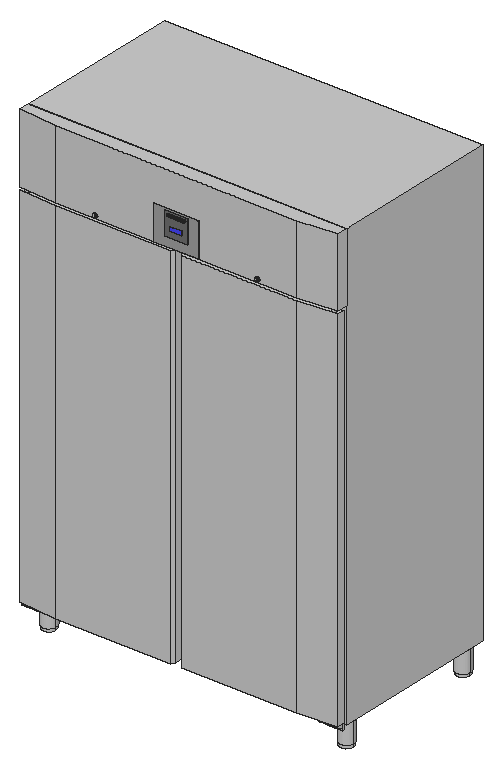
Revit family "QF_LIEBHERR_GKPv 1470.191129125234", category Specialty Equipment, Revit 2016
Family settings
  Part Type = Normal
  Round Connector Dimension = Use Diameter
  OmniClass Number = 23.40.40.14
  OmniClass Title = Food Service Equipment
  Work Plane-Based = No
  Always vertical = Yes
  Cut with Voids When Loaded = No
  Shared = No
  Room Calculation Point = No
Parameters (values of type "GKPv 1470_230V/1Ph/50Hz")
  URL catalogue = ""
  URL = "home.liebherr.com"
  Type de Raccord Electrique [instance] = ""
  Type article [instance] = ""
  Tension = 230 V
  Status [instance] = ""
  Spécification technique = ""
  Spécification du Fabricant [instance] = ""
  Spécification de l'Utilisateur [instance] = ""
  SMACNA No spécifique pour les matériaux  Etats Unis = ""
  Quantité par lot [instance] = no
  Puissance électrique  = 250 W
  Puissance en CV = ""
  Puissance Apparente = 250 VA
  Protection de l'Appareil = 0 A
  Profondeur hors tout = 830 mm
  Poids net à vide = 190.00 kg
  Phase = 1
  Numéro de Série = ""
  Nombres de Pôles = 2
  Nombre d'identification NAFEM = ""
  Model = "GKPv 1470"
  Manufacturer = "LIEBHERR"
  Longueur hors tout = 1430 mm
  Intensité nominale courant electrique = 2.5 A
  Installé Par [instance] = ""
  Identifiant Equipement [instance] = no
  Hauteur hors tout = 2120 mm
  Hauteur de Raccordement du Sol Finis [instance] = 1700 mm
  Hauteur de Raccordement du Sol Brut [instance] = 0 mm
  Fréquence = 50 Hz
  Fournis Par [instance] = ""
  Description = "GN FRIDGE GKPV 1470, -2/+15°C, S/STEEL EXTERIOR & INTERIOR, 1056 L NET"
  Câble de connexion à l'appareil inclus = no
  Cost = 0
  Consommation d'énergie minimale = 0 A
  Connexion prise électrique  = ""
  Code de Révision [instance] = ""
  Classification dans le projet = ""
  Classement sismique = ""
  Accessoires = no
Reference planes
  plane 1 "Centre (avant/arrière)": y = 0
  plane 2: z = 0
  plane 3 "Centre (gauche/droite)": x = 0
Forms (mm)
  Extrusion 1, solid, not visible
    sketch origin (649, -2, 1819) x (1, 0, 0) y (0, 1, 0)
      loop
        line (0, 0) -> (2, 0) -> (2, 2) -> (0, 2) -> (0, 0)
    from 0 to 2
Dimensions and locks
  aligned and locked: level to plane 2
Nested families
  nested 1: "QF_LIEBHERR_GKPv 1470_230V_1Ph_50Hz" at (0, 0, 120), type "GKPv 1470_230V/1Ph/50Hz"
    with Show Logo yes, Show Clearance yes
  nested 2: "QF_LIEBHERR_GGPV1470_LEGS" at (0, 0, 0), type "GGPV1470_LEGS"
    with Show Logo yes, Show Clearance yes
Connectors
  electrical at (650, 0, 1820), driven by "Puissance Apparente", driven by "Nombres de Pôles", driven by "Tension"
    settings: on Extrusion 1, index 1, voltage 230 V, apparent load 0 VA, apparent load phase1 250 VA, apparent load phase2 0 VA, apparent load phase3 0 VA, power factor 1, load classification "Other", number of poles 2, system type 31, power factor state 1, is connector primary yes, connector utility no, sub classification motor no, connector description "Electric connection for 'GKPV 1470'"
Definition of nested family "QF_LIEBHERR_GKPv 1470_230V_1Ph_50Hz"
  Parameters (values of type "GKPv 1470_230V/1Ph/50Hz")
    URL = "home.liebherr.com"
    Show Logo [instance] = yes
    Show Clearance [instance] = yes
    Model = "GKPv 1470"
    Manufacturer = "LIEBHERR"
    Description = "GN FREEZER GGPV 1470, -10/-26°C, S/STEEL EXTERIOR & INTERIOR, 1056 L NET"
    Assembly Code = "E1090320"
  Types (4, lengths in mm): name | Model | Description
    GGPv 1470 | "GGPv 1470" | "GN FRIDGE GKPV 1470, -2/+15°C, S/STEEL EXTERIOR & INTERIOR, 1056 L NET"
    GGPv 1490 | "GGPv 1490" | "GN FRIDGE GKPV 1490, -2/+15°C, S/STEEL EXTERIOR & INTERIOR, 1056 L NET"
    GKPv 1470_230V/1Ph/50Hz | "GKPv 1470" | "GN FREEZER GGPV 1470, -10/-26°C, S/STEEL EXTERIOR & INTERIOR, 1056 L NET"
    GKPv 1490 | "GKPv 1490" | "GN FREEZER GGPV 1490, -10/-26°C, S/STEEL EXTERIOR & INTERIOR, 1056 L NET"
  Reference planes
    plane 1 "Back": y = 0
    plane 2: z = 0
    plane 3 "Left": x = 0
    plane 4 "Right": x = 1430
    plane 5 "Front": y = -830
    plane 6 "Top": z = 2000
  Forms (mm)
    Extrusion 1, solid
      sketch origin (0, 0, -113) x (1, 0, 0) y (0, 1, 0)
        loop
          line (0, -767) -> (0, -816.625) -> (171.985, -830) -> (1257.99, -830) -> (1430, -816.625) -> (1430, -767) -> (0, -767)
      from 1801 to 2113
    Extrusion 2, solid
      sketch origin (0, 0, -113) x (0, 1, 0) y (0, 0, 1)
        loop
          line (-767, 2113) -> (-767, 113) -> (0, 113) -> (0, 2113) -> (-767, 2113)
      from 0 to 1430
    Extrusion 3, solid
      sketch origin (365.012, -829, -113) x (1, 0, 0) y (0, 0, 1)
        loop
          line (249.988, 1957) -> (249.988, 1801) -> (449.988, 1801) -> (449.988, 1957) -> (249.988, 1957)
      from 0 to 2
    Extrusion 4, solid
      sketch origin (365.012, -830, -113) x (1, 0, 0) y (0, 0, 1)
        loop
          line (297.988, 1947) -> (297.988, 1841) -> (401.988, 1841) -> (401.988, 1947) -> (297.988, 1947)
      from 0 to 2
    Extrusion 5, solid
      sketch origin (365.012, -831, -113) x (1, 0, 0) y (0, 0, 1)
        loop
          line (374.988, 1890) -> (324.988, 1890) -> (324.988, 1871) -> (374.988, 1871) -> (374.988, 1890)
      from 0 to 2
    Extrusion 6, solid, visible <- "Show Logo"
      sketch origin (365.012, -831, -113) x (1, 0, 0) y (0, 0, 1)
        loop
          line (309.542, 1937.598) -> (309.542, 1926.598) -> (317.534, 1926.598) -> (317.534, 1929.598) -> (314.534, 1929.598) -> (314.534, 1937.598) -> (309.542, 1937.598)
        loop
          line (318.542, 1937.598) -> (318.542, 1926.598) -> (323.534, 1926.598) -> (323.534, 1937.598) -> (318.542, 1937.598)
        loop
          line (325.425, 1937.598) -> (325.425, 1926.598) -> (332.444, 1926.598) -> (332.444, 1929.098) -> (330.418, 1929.098) -> (330.418, 1931.098) -> (332.444, 1931.098) -> (332.444, 1933.098) -> (330.418, 1933.098) -> (330.418, 1935.098) -> (332.444, 1935.098) -> (332.444, 1937.598) -> (325.425, 1937.598)
        loop
          line (334.425, 1937.598) -> (334.425, 1926.598) -> (341.444, 1926.598)
          arc (341.444, 1926.598) -> (344.324, 1928.719) -> (343.152, 1932.098) r 3.015
          arc (343.152, 1932.098) -> (344.324, 1935.477) -> (341.444, 1937.598) r 3.015
          line (341.444, 1937.598) -> (334.425, 1937.598)
        loop
          line (340.389, 1935.098) -> (339.418, 1935.098) -> (339.418, 1933.098) -> (340.389, 1933.098)
          arc (340.389, 1933.098) -> (341.389, 1934.098) -> (340.389, 1935.098) r 1
        loop
          arc (340.456, 1929.098) -> (341.456, 1930.098) -> (340.456, 1931.098) r 1
          line (340.456, 1931.098) -> (339.418, 1931.098) -> (339.418, 1929.098) -> (340.456, 1929.098)
        loop
          line (346.398, 1937.598) -> (346.398, 1926.598) -> (351.391, 1926.598) -> (351.391, 1931.098) -> (353.417, 1931.098) -> (353.417, 1926.598) -> (358.41, 1926.598) -> (358.41, 1937.598) -> (353.417, 1937.598) -> (353.417, 1933.098) -> (351.391, 1933.098) -> (351.391, 1937.598) -> (346.398, 1937.598)
        loop
          line (359.811, 1937.598) -> (359.811, 1926.598) -> (366.83, 1926.598) -> (366.83, 1929.098) -> (364.803, 1929.098) -> (364.803, 1931.098) -> (366.83, 1931.098) -> (366.83, 1933.098) -> (364.803, 1933.098) -> (364.803, 1935.098) -> (366.83, 1935.098) -> (366.83, 1937.598) -> (359.811, 1937.598)
        loop
          line (368.822, 1937.598) -> (368.822, 1926.598) -> (373.814, 1926.598) -> (373.814, 1929.098) -> (374.887, 1926.598) -> (379.88, 1926.598) -> (378.318, 1930.237)
          arc (378.318, 1930.237) -> (379.724, 1934.807) -> (375.841, 1937.598) r 4.097
          line (375.841, 1937.598) -> (368.822, 1937.598)
        loop
          line (374.786, 1935.098) -> (373.814, 1935.098) -> (373.814, 1932.141) -> (374.786, 1932.141)
          arc (374.786, 1932.141) -> (376.264, 1933.619) -> (374.786, 1935.098) r 1.479
        loop
          line (381.56, 1937.598) -> (381.56, 1926.598) -> (386.553, 1926.598) -> (386.553, 1929.098) -> (387.626, 1926.598) -> (392.618, 1926.598) -> (391.057, 1930.237)
          arc (391.057, 1930.237) -> (392.463, 1934.807) -> (388.58, 1937.598) r 4.097
          line (388.58, 1937.598) -> (381.56, 1937.598)
        loop
          line (387.524, 1935.098) -> (386.553, 1935.098) -> (386.553, 1932.141) -> (387.524, 1932.141)
          arc (387.524, 1932.141) -> (389.003, 1933.619) -> (387.524, 1935.098) r 1.479
      from 0 to 2
    Extrusion 7, solid
      sketch origin (0, 0, -120) x (1, 0, 0) y (0, 0, 1)
        loop
          circle (650, 1700) r 5
      from 0 to -5
    Extrusion 8, solid
      sketch origin (700, 0, -437) x (-1, 0, 0) y (0, -1, 0)
        loop
          line (0, 781) -> (700, 781) -> (700, 816.625) -> (527.99, 830) -> (10, 830) -> (0, 816.625) -> (0, 781)
      from 451 to 2113
    Extrusion 9, solid
      sketch origin (729.99, -92.898, 104.715) x (0, 1, 0) y (0, 0, -1)
        loop
          line (-688.102, -1556.285) -> (-674.102, -1556.285) -> (-674.102, 75.715) -> (-688.102, 75.715) -> (-688.102, -1556.285)
      from 44.99 to 714.99
    Extrusion 10, solid
      sketch origin (756.014, -92.898, -32.168) x (0, 1, 0) y (0, 0, -1)
        loop
          line (-680.221, -13.941) -> (-723.896, -39.157) -> (-680.221, -39.157) -> (-680.221, -13.941)
      from 672.942 to 677.942
    Extrusion 11, solid
      sketch origin (734.086, -89.604, -32.168) x (-1, 0, 0) y (0, -1, 0)
        loop
          circle (709.086, 713.896) r 10
      from 42.671 to 46.168
    Extrusion 12, solid
      sketch origin (734.086, -89.604, 1633.329) x (-1, 0, 0) y (0, -1, 0)
        loop
          circle (709.086, 713.896) r 10
      from 42.671 to 54.671
    Extrusion 13, solid
      sketch origin (6.014, -92.898, -32.168) x (0, 1, 0) y (0, 0, 1)
        loop
          line (-674.102, 7.53) -> (-674.102, 42.671) -> (-723.896, 42.671) -> (-723.896, 39.157) -> (-680.221, 39.157) -> (-680.221, 7.53) -> (-674.102, 7.53)
      from 4.769 to 77.058
    Extrusion 14, solid
      sketch origin (-662.159, -92.898, -32.168) x (0, 1, 0) y (0, 0, 1)
        loop
          line (-680.221, 13.941) -> (-680.221, 39.157) -> (-723.896, 39.157) -> (-680.221, 13.941)
      from 672.942 to 677.942
    Extrusion 15, solid
      sketch origin (-628.514, -92.898, -32.168) x (0, 1, 0) y (0, 0, 1)
        loop
          line (-680.221, 13.941) -> (-680.221, 39.157) -> (-723.896, 39.157) -> (-680.221, 13.941)
      from 672.942 to 677.942
    Extrusion 16, solid, visible <- "Show Clearance", detail levels coarse
      sketch origin (700, 0, 0) x (-1, 0, 0) y (0, -1, 0)
        loop
          line (0, 830) -> (700, 830) -> (700, 1496.933) -> (640, 1496.933)
          arc (640, 1496.933) -> (194.431, 1283.965) -> (0, 830) r 700.694
      from 14 to 1676
    Extrusion 17, solid
      sketch origin (730, 0, -437) x (1, 0, 0) y (0, 1, 0)
        loop
          line (0, -781) -> (0, -816.625) -> (10, -830) -> (527.99, -830) -> (700, -816.625) -> (700, -781) -> (0, -781)
      from 451 to 2113
    Extrusion 18, solid
      sketch origin (700.01, -92.898, 104.715) x (0, 1, 0) y (0, 0, 1)
        loop
          line (-688.102, 1556.285) -> (-688.102, -75.715) -> (-674.102, -75.715) -> (-674.102, 1556.285) -> (-688.102, 1556.285)
      from 44.99 to 714.99
    Extrusion 19, solid
      sketch origin (673.986, -92.898, -32.168) x (0, 1, 0) y (0, 0, 1)
        loop
          line (-680.221, 13.941) -> (-680.221, 39.157) -> (-723.896, 39.157) -> (-680.221, 13.941)
      from 672.942 to 677.942
    Extrusion 20, solid
      sketch origin (695.914, -89.604, -32.168) x (1, 0, 0) y (0, 1, 0)
        loop
          circle (709.086, -713.896) r 10
      from 42.671 to 46.168
    Extrusion 21, solid
      sketch origin (695.914, -89.604, 1633.329) x (1, 0, 0) y (0, 1, 0)
        loop
          circle (709.086, -713.896) r 10
      from 42.671 to 54.671
    Extrusion 22, solid
      sketch origin (1423.986, -92.898, -32.168) x (0, 1, 0) y (0, 0, -1)
        loop
          line (-674.102, -7.53) -> (-680.221, -7.53) -> (-680.221, -39.157) -> (-723.896, -39.157) -> (-723.896, -42.671) -> (-674.102, -42.671) -> (-674.102, -7.53)
      from 4.769 to 77.058
    Extrusion 23, solid
      sketch origin (2092.159, -92.898, -32.168) x (0, 1, 0) y (0, 0, -1)
        loop
          line (-680.221, -13.941) -> (-723.896, -39.157) -> (-680.221, -39.157) -> (-680.221, -13.941)
      from 672.942 to 677.942
    Extrusion 24, solid
      sketch origin (2058.514, -92.898, -32.168) x (0, 1, 0) y (0, 0, -1)
        loop
          line (-680.221, -13.941) -> (-723.896, -39.157) -> (-680.221, -39.157) -> (-680.221, -13.941)
      from 672.942 to 677.942
    Extrusion 25, solid, visible <- "Show Clearance", detail levels coarse
      sketch origin (730, 0, 0) x (1, 0, 0) y (0, 1, 0)
        loop
          arc (0, -830) -> (194.431, -1283.965) -> (640, -1496.933) r 700.694
          line (640, -1496.933) -> (700, -1496.933) -> (700, -830) -> (0, -830)
      from 14 to 1676
    Extrusion 26, solid
      sketch origin (1321.55, -831.588, 926.938) x (-1, 0, 0) y (0, 0, 1)
        loop
          circle (971.55, 773.43) r 9.525
      from 0 to 1.588
    Extrusion 27, solid
      sketch origin (1321.55, -831.588, 926.938) x (-1, 0, 0) y (0, 0, 1)
        loop
          circle (971.55, 773.43) r 7.53
        loop
          line (972.187, 776.799) -> (970.913, 776.799) -> (970.913, 770.061) -> (972.187, 770.061) -> (972.187, 776.799)
      from 0 to -2.342
    Extrusion 28, solid
      sketch origin (2051.55, -831.588, 926.938) x (-1, 0, 0) y (0, 0, 1)
        loop
          circle (971.55, 773.43) r 9.525
      from 0 to 1.588
    Extrusion 29, solid
      sketch origin (2051.55, -831.588, 926.938) x (-1, 0, 0) y (0, 0, 1)
        loop
          circle (971.55, 773.43) r 7.53
        loop
          line (972.187, 776.799) -> (970.913, 776.799) -> (970.913, 770.061) -> (972.187, 770.061) -> (972.187, 776.799)
      from 0 to -2.342
  Lines and regions (mm)
    symbolic lines
      curve 1: line (0, 0, 0) -> (1430, 0, 0)
      curve 2: line (1430, 0, 0) -> (1430, -816.625, 0)
      curve 3: line (1430, -816.625, 0) -> (1257.99, -830, 0)
      curve 4: line (1257.99, -830, 0) -> (171.985, -830, 0)
      curve 5: line (171.985, -830, 0) -> (0, -816.625, 0)
      curve 6: line (0, -816.625, 0) -> (0, 0, 0)
      curve 7: line (0, -767, 0) -> (1430, -767, 0)
      curve 12: line (1258.015, -830, 0) -> (1430, -816.625, 0)
    symbolic lines, visible <- "Show Clearance"
      curve 8: arc (700, -830, 0) -> (505.569, -1283.965, 0) -> (60, -1496.933, 0) r 700.694
      curve 9: line (0, -1496.933, 0) -> (0, -816.625, 0)
      curve 10: line (60, -1496.933, 0) -> (60, -821.291, 0)
      curve 11: line (60, -1496.933, 0) -> (0, -1496.933, 0)
      curve 13: arc (730, -830, 0) -> (924.431, -1283.965, 0) -> (1370, -1496.933, 0) r 700.694
      curve 14: line (1430, -1496.933, 0) -> (1430, -816.625, 0)
      curve 15: line (1370, -1496.933, 0) -> (1370, -821.29, 0)
      curve 16: line (1370, -1496.933, 0) -> (1430, -1496.933, 0)
  Dimensions and locks
    plane 3 "Left" to plane 4 "Right" = 1430 mm
    plane 5 "Front" to plane 1 "Back" = 830 mm
    plane 6 "Top" to level = 2000 mm
    aligned and locked: level to plane 2
  Connectors
    electrical at (650, 0, 1580)
      settings: on Extrusion 7, index 1, voltage 0 V, apparent load 0 VA, apparent load phase1 0 VA, apparent load phase2 0 VA, apparent load phase3 0 VA, power factor 1, load classification none, number of poles 1, system type 31, power factor state 1, is connector primary yes, connector utility no, sub classification motor no, connector description "Electrical connection"
Definition of nested family "QF_LIEBHERR_GGPV1470_LEGS"
  Parameters (values of type "GGPV1470_LEGS")
    URL catalogue [instance] = ""
    URL = "home.liebherr.com"
    Status [instance] = ""
    Spécification technique [instance] = ""
    Spécification du Fabricant [instance] = ""
    Spécification de l'Utilisateur [instance] = ""
    Show Logo [instance] = yes
    Show Clearance [instance] = yes
    SMACNA No spécifique pour les matériaux  Etats Unis [instance] = ""
    Quantité par lot [instance] = no
    Profondeur hors tout [instance] = 830 mm
    Poids net à vide [instance] = 0.00 kg
    Numéro de Série [instance] = ""
    Nombre d'identification NAFEM [instance] = ""
    Model = "GGPV1470_LEGS"
    Manufacturer = "LIEBHERR"
    Longueur hors tout [instance] = 1470 mm
    Installé Par [instance] = ""
    Identifiant Equipement [instance] = no
    Hauteur hors tout [instance] = 120 mm
    Fournis Par [instance] = ""
    Description = "STANDARD LEGS"
    Cost = 0
    Code de Révision [instance] = ""
    Classification dans le projet [instance] = ""
    Classement sismique [instance] = ""
    Assembly Code = "E1090320"
    Accessoires [instance] = yes
  Reference planes
    plane 1 "Back": y = 0
    plane 2: z = 0
    plane 3 "Left": x = 0
    plane 4 "Right": x = 1430
    plane 5 "Front": y = -830
    plane 6 "Top": z = 120
  Forms (mm)
    Revolve 1, solid
      sketch origin (0, -54.25, 0) x (1, 0, 0) y (0, 0, 1)
        loop
          line (45, 0) -> (75, 0) -> (75, 14) -> (78.027, 14) -> (78.027, 113) -> (84.75, 113) -> (84.75, 120) -> (45, 120) -> (45, 0)
        axis (45, 120) -> (45, 0)
      angle from 0 to 360
    Revolve 2, solid
      sketch origin (1340, -54.25, 0) x (1, 0, 0) y (0, 0, 1)
        loop
          line (45, 0) -> (75, 0) -> (75, 14) -> (78.027, 14) -> (78.027, 113) -> (84.75, 113) -> (84.75, 120) -> (45, 120) -> (45, 0)
        axis (45, 120) -> (45, 0)
      angle from 0 to 360
    Revolve 3, solid
      sketch origin (0, -709.05, 0) x (1, 0, 0) y (0, 0, 1)
        loop
          line (45, 0) -> (75, 0) -> (75, 14) -> (78.027, 14) -> (78.027, 113) -> (84.75, 113) -> (84.75, 120) -> (45, 120) -> (45, 0)
        axis (45, 120) -> (45, 0)
      angle from 0 to 360
    Revolve 4, solid
      sketch origin (1340, -709.05, 0) x (1, 0, 0) y (0, 0, 1)
        loop
          line (45, 0) -> (75, 0) -> (75, 14) -> (78.027, 14) -> (78.027, 113) -> (84.75, 113) -> (84.75, 120) -> (45, 120) -> (45, 0)
        axis (45, 120) -> (45, 0)
      angle from 0 to 360
  Dimensions and locks
    plane 3 "Left" to plane 4 "Right" = 1430 mm
    plane 5 "Front" to plane 1 "Back" = 830 mm
    plane 6 "Top" to level = 120 mm  (x2)
    aligned and locked: level to plane 2
